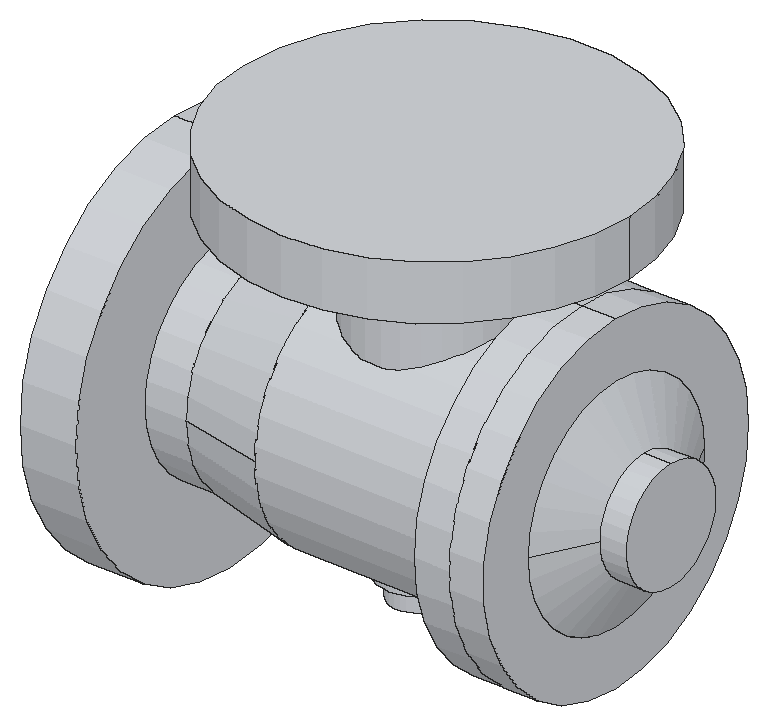
Revit family "f09d7083c8ab40e986b2343d57a82599", category Pipe Accessories, Revit 2021
Family settings
  Round Connector Dimension = Use Radius
  Part Type = Valve - Normal
  OmniClass Number = 23.65.55.14
  OmniClass Title = Valves for Liquid Services
  Seek Item ID = Suction Diffuser - 2.5-8 Inch - Flanged-0000-USA-ENU
  Work Plane-Based = No
  Always vertical = Yes
  Cut with Voids When Loaded = No
  Shared = No
Parameters (values of type "2 1/2"x2 1/2"")
  Suction Diffuser Material = none
  Suction Diffuser Length = 0' - 9"
  Ref. Radius 5 = 11/16"
  Ref. Radius 4 = 1/2"
  Ref. Radius 3 = (Height 2 - 1")  # 2"
  Ref. Radius 2 = (Height 2 - 2")  # 1"
  Ref. Radius = (Height 2 - 3/4")  # 2 1/4"
  Outlet Nominal Radius = 1 1/4"
  Outlet Outside Radius = Outlet Outside Diameter / 2  # 1 15/16"
  Outlet Outside Diameter = 3 7/8"
  Outlet Flange Outside Radius = Outlet Flange Outside Diameter / 2  # 3 1/2"
  Outlet Flange Outside Diameter = 7"
  Outlet Nominal Diameter = Outlet Nominal Radius * 2  # 2 1/2"
  Length 1 = 0' - 4 3/4"
  K Coefficient = 1.54
  Inlet Nominal Radius = 1 1/4"
  Inlet Outside Radius = Inlet Outside Diameter / 2  # 1 7/16"
  Inlet Outside Diameter = 2 7/8"
  Inlet Flange Outside Radius = Inlet Flange Outside Diameter / 2  # 3 1/2"
  Inlet Flange Outside Diameter = Outlet Flange Outside Diameter  # 7"
  Inlet Nominal Diameter = Inlet Nominal Radius * 2  # 2 1/2"
  Height 2 = 0' - 3"
  Height 1 = 0' - 4 3/4"
  Default Elevation = 0' - 0"
  Assembly Code = ""
Types (5): name | Suction Diffuser Length | Ref. Radius 3 | Ref. Radius 2 | Ref. Radius | Outlet Nominal Radius | Outlet Outside Radius | Outlet Outside Diameter | Outlet Flange Outside Radius | Outlet Flange Outside Diameter | Outlet Nominal Diameter | Length 1 | K Coefficient | Inlet Nominal Radius | Inlet Outside Radius | Inlet Outside Diameter | Inlet Flange Outside Radius | Inlet Flange Outside Diameter | Inlet Nominal Diameter | Height 2 | Height 1
  2 1/2"x2 1/2" | 0' - 9" | 2" | 1" | 2 1/4" | 1 1/4" | 1 15/16" | 3 7/8" | 3 1/2" | 7" | 2 1/2" | 0' - 4 3/4" | 1.54 | 1 1/4" | 1 7/16" | 2 7/8" | 3 1/2" | 7" | 2 1/2" | 0' - 3" | 0' - 4 3/4"
  3"x3" | 0' - 10" | 2 3/8" | 1 3/8" | 2 5/8" | 1 1/2" | 2 3/16" | 4 3/8" | 3 3/4" | 7 1/2" | 3" | 0' - 5 1/2" | 2 | 1 1/2" | 1 5/8" | 3 1/4" | 3 3/4" | 7 1/2" | 3" | 0' - 3 3/8" | 0' - 5 1/2"
  4"x4" | 1' - 0 5/8" | 3 1/4" | 2 1/4" | 3 1/2" | 2" | 2 3/4" | 5 1/2" | 4 1/2" | 9" | 4" | 0' - 6 1/2" | 2.09 | 2" | 2 1/8" | 4 1/4" | 4 1/2" | 9" | 4" | 0' - 4 1/4" | 0' - 6 1/2"
  6"x6" | 1' - 4 3/8" | 4 1/2" | 3 1/2" | 4 3/4" | 3" | 3 9/16" | 7 1/8" | 5 1/2" | 11" | 6" | 0' - 8" | 2.05 | 3" | 3 1/8" | 6 1/4" | 5 1/2" | 11" | 6" | 0' - 5 1/2" | 0' - 8"
  8"x8" | 1' - 8 1/2" | 5 7/8" | 4 7/8" | 6 1/8" | 4" | 4 7/16" | 8 7/8" | 6 3/4" | 13 1/2" | 8" | 0' - 9" | 1.62 | 4" | 4 1/8" | 8 1/4" | 6 3/4" | 13 1/2" | 8" | 0' - 6 7/8" | 0' - 9"
Reference planes (in)
  plane 1 "Center (Front/Back)": y = 0
  plane 2: z = 0
  plane 3 "Center (Left/Right)": x = 0
  plane 4: x = 1
  plane 5: x = 1.75
  plane 6: x = 3.25
  plane 7: x = 4.75
  plane 8: x = 9
  plane 9: x = 8.5
  plane 10: x = 8
  plane 11: x = 7.375
  plane 12: x = 6.75
  plane 13: z = 4.75
  plane 14: z = 3.75
  plane 15: z = -3
  plane 16: z = -2.75
  plane 17: z = -2.375
  plane 18: z = -2.25
  plane 19 "1": x = 4.4375
  plane 20: y = 3.5
  plane 21: y = -3.5
  plane 22: y = 1
  plane 23: y = -1
  plane 24: x = 4.5
  plane 25: x = 4.25
  plane 26: x = 4.75
  plane 27: x = 3.25
  plane 28: x = 3.75
  plane 29: y = 0.5
  plane 30: y = -0.5
Forms (in)
  Sweep 1, solid, material <- "Suction Diffuser Material", detail levels fine
    path in 3D
      loop
        line (0, 0, 0) -> (1, 0, 0)
    profile origin (0.5, 0, 0) x (0, 0, 1) y (0, -1, 0)
      loop
        circle (0, 0) r 3.5
  Sweep 2, solid, material <- "Suction Diffuser Material", detail levels fine
    path in 3D
      loop
        line (1, 0, 0) -> (1.75, 0, 0)
    profile origin (1.375, 0, 0) x (0, 0, 1) y (0, -1, 0)
      loop
        circle (0, 0) r 1.9375
  Blend 3, solid, material <- "Suction Diffuser Material", detail levels fine
    base sketch origin (0, 0, 0) x (0, 1, 0) y (0, 0, 1)
      loop
        circle (0, 0) r 1.9375
    top sketch origin (0, 0, 0) x (0, 1, 0) y (0, 0, 1)
      loop
        circle (0, 0) r 2.25
    from 1.75 to 3.25
  Sweep 4, solid, material <- "Suction Diffuser Material", detail levels fine
    path in 3D
      loop
        line (9, 0, 0) -> (8.5, 0, 0)
    profile origin (8.75, 0, 0) x (0, 0, -1) y (0, -1, 0)
      loop
        circle (0, 0) r 1
  Blend 5, solid, material <- "Suction Diffuser Material", detail levels fine
    base sketch origin (0, 0, 0) x (0, 1, 0) y (0, 0, 1)
      loop
        circle (0, 0) r 2
    top sketch origin (0, 0, 0) x (0, 1, 0) y (0, 0, 1)
      loop
        circle (0, 0) r 1
    from 8 to 8.5
  Sweep 6, solid, material <- "Suction Diffuser Material", detail levels fine
    path in 3D
      loop
        line (8, 0, 0) -> (7.375, 0, 0)
    profile origin (7.6875, 0, 0) x (0, 0, -1) y (0, -1, 0)
      loop
        circle (0, 0) r 3
  Sweep 7, solid, material <- "Suction Diffuser Material", detail levels fine
    path in 3D
      loop
        line (7.375, 0, 0) -> (6.75, 0, 0)
    profile origin (7.0625, 0, 0) x (0, 0, -1) y (0, -1, 0)
      loop
        circle (0, 0) r 3
  Sweep 8, solid, material <- "Suction Diffuser Material", detail levels fine
    path in 3D
      loop
        line (3.25, 0, 0) -> (6.75, 0, 0)
    profile origin (5, 0, 0) x (0, 0, 1) y (0, -1, 0)
      loop
        circle (0, 0) r 2.25
  Sweep 9, solid, material <- "Suction Diffuser Material", detail levels fine
    path in 3D
      loop
        line (4.75, 0, 0) -> (4.75, 0, 3.75)
    profile origin (4.75, 0, 1.875) x (-1, 0, 0) y (0, -1, 0)
      loop
        circle (0, 0) r 1.4375
  Sweep 10, solid, material <- "Suction Diffuser Material", detail levels fine
    path in 3D
      loop
        line (4.75, 0, 3.75) -> (4.75, 0, 4.75)
    profile origin (4.75, 0, 4.25) x (-1, 0, 0) y (0, -1, 0)
      loop
        circle (0, 0) r 3.5
  Sweep 11, solid, material <- "Suction Diffuser Material", detail levels fine
    path in 3D
      loop
        line (4.4375, 0, -2.75) -> (4.4375, 0, -2.375)
    profile origin (4.4375, 0, -2.5625) x (-1, 0, 0) y (0, -1, 0)
      loop
        circle (0, 0) r 0.5
  Sweep 12, solid, material <- "Suction Diffuser Material", detail levels fine
    path in 3D
      loop
        line (4.4375, 0, -2.375) -> (4.4375, 0, -2.25)
    profile origin (4.4375, 0, -2.3125) x (-1, 0, 0) y (0, -1, 0)
      loop
        circle (0, 0) r 0.6875
Cuts and joins
  joined: Sweep 1, Sweep 2, Blend 3, Sweep 4, Blend 5, Sweep 6, Sweep 7, Sweep 8, Sweep 9, Sweep 10, Sweep 11, Sweep 12
Lines and regions (in)
  reference lines
    curve 1: line (0, 0, 0) -> (1, 0, 0)
    curve 2: line (1, 0, 0) -> (1.75, 0, 0)
    curve 3: line (1.75, 0, 0) -> (3.25, 0, 0)
    curve 6: line (9, 0, 0) -> (8.5, 0, 0)
    curve 8: line (8, 0, 0) -> (8.5, 0, 0)
    curve 9: line (8, 0, 0) -> (7.375, 0, 0)
    curve 10: line (7.375, 0, 0) -> (6.75, 0, 0)
    curve 13: line (3.25, 0, 0) -> (6.75, 0, 0)
    curve 15: line (4.75, 0, 0) -> (4.75, 0, 3.75)
    curve 17: line (4.75, 0, 3.75) -> (4.75, 0, 4.75)
    curve 19: line (4.4375, 0, -2.75) -> (4.4375, 0, -2.375)
    curve 21: line (4.4375, 0, -2.375) -> (4.4375, 0, -2.25)
  sketch lines
    curve 4: line (0, 0, 0) -> (1, 0, 0)
    curve 5: line (1, 0, 0) -> (1.75, 0, 0)
    curve 7: line (9, 0, 0) -> (8.5, 0, 0)
    curve 11: line (8, 0, 0) -> (7.375, 0, 0)
    curve 12: line (7.375, 0, 0) -> (6.75, 0, 0)
    curve 14: line (3.25, 0, 0) -> (6.75, 0, 0)
    curve 16: line (4.75, 0, 0) -> (4.75, 0, 3.75)
    curve 18: line (4.75, 0, 3.75) -> (4.75, 0, 4.75)
    curve 20: line (4.4375, 0, -2.75) -> (4.4375, 0, -2.375)
    curve 22: line (4.4375, 0, -2.375) -> (4.4375, 0, -2.25)
  model lines, detail levels coarse+medium
    curve 23: line (0, 3.5, 0) -> (0, -3.5, 0)
    curve 24: line (9, 1, 0) -> (9, -1, 0)
    curve 25: line (0, 3.5, 0) -> (9, 1, 0)
    curve 26: line (0, -3.5, 0) -> (9, -1, 0)
    curve 27: arc (4.15958, 0.78679, 0) -> (3.30649, 0.73087, 0) -> (3.75, 0, 0) r 0.5
    curve 28: arc (3.34042, -0.78679, 0) -> (4.19351, -0.73087, 0) -> (3.75, 0, 0) r 0.5
    curve 29: line (4.75, 1, 0) -> (4.75, -1, 0)
    curve 30: arc (4.75, 1, 0) -> (5.75, 0, 0) -> (4.75, -1, 0) r 1
Dimensions and locks (in)
  locked: level to plane 2
  locked: plane 4 to plane 3 "Center (Left/Right)" at 1
  locked: plane 5 to plane 4 at 0.75
  locked: plane 6 to plane 5 at 1.5
  "Length 1": plane 7 to plane 3 "Center (Left/Right)"
  "Suction Diffuser Length": plane 8 to plane 3 "Center (Left/Right)"
  locked: plane 8 to plane 9 at 0.5
  locked: plane 9 to plane 10 at 0.5
  plane 10 to plane 11 to plane 12 = 0' - 0 5/8" locked, 0' - 0 5/8" locked
  "Height 1": plane 13 to plane 2
  locked: plane 13 to plane 14 at 1
  "Height 2": plane 2 to plane 15
  locked: plane 17 to plane 16 at 0.375
  locked: plane 18 to plane 17 at 0.125
  locked: plane 16 to plane 15 at 0.25
  locked: plane 19 "1" to plane 6 at 1.1875
  equal spacing: plane 20, plane 1 "Center (Front/Back)", plane 21
  "Outlet Flange Outside Diameter": plane 20 to plane 21
  equal spacing: plane 23, plane 1 "Center (Front/Back)", plane 22
  "Ref. Radius 2": plane 23 to plane 1 "Center (Front/Back)"
  equal spacing: plane 3 "Center (Left/Right)", plane 24, plane 8
  "Ref. Radius 2": plane 27 to plane 25
  equal spacing: plane 27, plane 28, plane 25
  equal spacing: plane 23, plane 30, plane 1 "Center (Front/Back)"
  equal spacing: plane 1 "Center (Front/Back)", plane 29, plane 22
  equal spacing: plane 25, plane 24, plane 26
  locked: plane 24 to plane 26 at 0.25
  "Outlet Flange Outside Radius": radius of Sweep 1 sketch curve
  "Outlet Outside Radius": radius of Sweep 2 sketch curve
  "Outlet Outside Radius": radius of Blend 3 sketch curve
  "Ref. Radius": radius of Blend 3 sketch curve
  "Ref. Radius 2": radius of Sweep 4 sketch curve
  "Ref. Radius 3": radius of Blend 5 sketch curve
  "Ref. Radius 2": radius of Blend 5 sketch curve
  "Height 2": radius of Sweep 6 sketch curve
  "Height 2": radius of Sweep 7 sketch curve
  "Ref. Radius": radius of Sweep 8 sketch curve
  "Inlet Outside Radius": radius of Sweep 9 sketch curve
  "Inlet Flange Outside Radius": radius of Sweep 10 sketch curve
  "Ref. Radius 4": radius of Sweep 11 sketch curve
  "Ref. Radius 5": radius of Sweep 12 sketch curve
  "Ref. Radius 2": radius of curve 30
  angle curve 27 to curve 27 = 235.00°
  angle curve 28 to curve 28 = 235.00°
  aligned and locked: plane 3 "Center (Left/Right)" to curve 1
  aligned and locked: plane 4 to curve 1
  aligned and locked: curve 1 to plane 2
  aligned and locked: plane 5 to curve 2
  aligned and locked: plane 6 to curve 3
  aligned and locked: curve 3 to plane 2
  aligned and locked: curve 2 to plane 2
  aligned and locked: Blend 3 to plane 5
  aligned and locked: plane 6 to Blend 3
  aligned and locked: plane 1 "Center (Front/Back)" to Blend 3 sketch curve  (x2)
  aligned and locked: plane 2 to Blend 3 sketch curve  (x2)
  aligned and locked: plane 1 "Center (Front/Back)" to Sweep 2 sketch curve
  aligned and locked: plane 2 to Sweep 2 sketch curve
  aligned and locked: plane 1 "Center (Front/Back)" to Sweep 1 sketch curve
  aligned and locked: plane 2 to Sweep 1 sketch curve
  aligned and locked: plane 9 to curve 6
  aligned and locked: plane 8 to curve 6
  aligned and locked: plane 2 to curve 6
  aligned and locked: plane 1 "Center (Front/Back)" to Sweep 4 sketch curve
  aligned and locked: plane 2 to Sweep 4 sketch curve
  aligned and locked: plane 10 to curve 8
  aligned and locked: curve 8 to plane 2
  aligned and locked: Blend 5 to plane 10
  aligned and locked: plane 9 to Blend 5
  aligned and locked: plane 2 to Blend 5 sketch curve  (x2)
  aligned and locked: plane 1 "Center (Front/Back)" to Blend 5 sketch curve  (x2)
  aligned and locked: plane 11 to curve 9
  aligned and locked: plane 2 to curve 10
  aligned and locked: plane 1 "Center (Front/Back)" to Sweep 6 sketch curve
  aligned and locked: plane 2 to Sweep 6 sketch curve
  aligned and locked: plane 1 "Center (Front/Back)" to Sweep 7 sketch curve
  aligned and locked: plane 2 to Sweep 7 sketch curve
  aligned and locked: plane 12 to curve 13
  aligned and locked: curve 13 to plane 2
  aligned and locked: plane 1 "Center (Front/Back)" to Sweep 8 sketch curve
  aligned and locked: plane 2 to Sweep 8 sketch curve
  aligned and locked: plane 2 to curve 15
  aligned and locked: plane 7 to curve 15
  aligned and locked: plane 13 to curve 17
  aligned and locked: plane 14 to curve 17
  aligned and locked: plane 7 to curve 17
  aligned and locked: plane 17 to curve 19
  aligned and locked: plane 16 to curve 19
  aligned and locked: plane 18 to curve 21
  aligned and locked: plane 19 "1" to curve 21
  aligned and locked: plane 1 "Center (Front/Back)" to Sweep 12 sketch curve
  aligned and locked: plane 19 "1" to Sweep 12 sketch curve
  aligned and locked: plane 19 "1" to Sweep 11 sketch curve
  aligned and locked: plane 1 "Center (Front/Back)" to Sweep 11 sketch curve
  aligned and locked: plane 21 to curve 23
  aligned and locked: plane 23 to curve 24
  aligned and locked: curve 24 to plane 8
  aligned and locked: plane 20 to curve 25
  aligned and locked: plane 3 "Center (Left/Right)" to curve 25
  aligned and locked: plane 22 to curve 25
  aligned and locked: plane 29 to curve 27
  aligned and locked: plane 28 to curve 27
  aligned and locked: plane 1 "Center (Front/Back)" to curve 27
  aligned and locked: plane 30 to curve 28
  aligned and locked: plane 28 to curve 28
  aligned and locked: plane 1 "Center (Front/Back)" to curve 28
  aligned and locked: plane 22 to curve 29
  aligned and locked: plane 26 to curve 29
  aligned and locked: plane 26 to curve 30
Automatic sketch dimensions
  Sweep 9 sketch curve to profile plane = 0' - 0"
  profile plane to Sweep 9 sketch curve = 0' - 0"
  Sweep 10 sketch curve to profile plane = 0' - 0"
  profile plane to Sweep 10 sketch curve = 0' - 0"
Connectors (in)
  piping at (0, 0, 0), diameter 2.5, driven by "Outlet Nominal Radius"
    settings: on cut or joined group 1 (Sweep 1, Sweep 2, Blend 3, Sweep 4, Blend 5, Sweep 6, Sweep 7, Sweep 8, Sweep 9, Sweep 10, Sweep 11, Sweep 12), index 1, connector inside diameter 2 1/2", connector length 0' - 0", flow factor 0, pipe flow 0 GPM, pressure drop 0.00 psi, fitting loss kfactor 0, connector angle 0.00°, fixture units 0, engagement length 0' - 0", angle of deflection 0.00°, flow configuration 0, flow direction 0, fitting loss method 2, system type 29, joint type 0, gender type 0, connector reference index 2, connector utility 0, adjustable connector no, is connector primary yes, connector description ""
  piping at (4.75, 0, 4.75), diameter 2.5, driven by "Inlet Nominal Radius", driven by "K Coefficient"
    settings: on cut or joined group 1, index 2, connector inside diameter 2 1/2", connector length 0' - 0", flow factor 0, pipe flow 0 GPM, pressure drop 0.00 psi, fitting loss kfactor 1.54, connector angle 0.00°, fixture units 0, engagement length 0' - 0", angle of deflection 0.00°, flow configuration 0, flow direction 0, fitting loss method 2, system type 29, joint type 0, gender type 0, connector reference index 1, connector utility 0, adjustable connector no, is connector primary no, connector description ""
